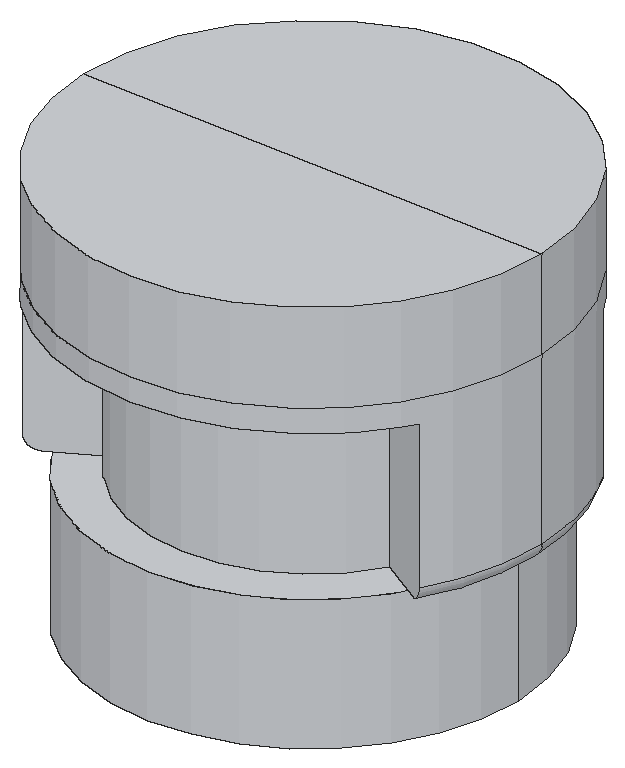
Revit family
Parameters
  URL = "www.SiouxChief.com"
  Type Comments = ""
  Model = "250-12"
  Manufacturer = "Sioux Chief Manufacturing"
  Description = "2\" TurboVent Body"
Reference planes (in)
  plane 1 "Center (Front/Back)": y = 0
  plane 2: z = 0
  plane 3 "Center (Left/Right)": x = 0
  plane 4: z = 0.7565
  plane 5: z = 1.6784
  plane 6 "top": z = 2.3182
Forms (in)
  Revolve 1, solid
    sketch origin (0, 0, 0) x (1, 0, 0) y (0, 0, 1)
      loop
        line (0, 0) -> (1.167, 0) -> (1.167, 0.7565) -> (1.21535, 0.7565)
        arc (1.21535, 0.7565) -> (1.27521, 0.78129) -> (1.3, 0.84115) r 0.08465
        line (1.3, 0.84115) -> (1.3, 1.8034) -> (0, 1.8034) -> (0, 0)
      axis (0, 1.8034) -> (0, 0)
    angle from 0 to 360
  Extrusion 2, void
    sketch origin (0.93075, -180, 0.7565) x (0, -1, 0) y (-1, 0, 0)
      loop
        line (-179.53502, 0.12538) -> (-179.35, -0.19508)
        arc (-179.35, -0.19508) -> (-178.7, 0.93075) -> (-179.35, 2.05658) r 1.3
        line (-179.35, 2.05658) -> (-179.53502, 1.73612)
        arc (-179.53502, 1.73612) -> (-179.07004, 0.93075) -> (-179.53502, 0.12538) r 0.92996
    from 0 to -0.9219
  Extrusion 3, void
    sketch origin (0.93075, 180, 0.7565) x (0, -1, 0) y (-1, 0, 0)
      loop
        arc (179.53502, 0.12538) -> (179.07004, 0.93075) -> (179.53502, 1.73612) r 0.92996
        line (179.53502, 1.73612) -> (179.35, 2.05658)
        arc (179.35, 2.05658) -> (178.7, 0.93075) -> (179.35, -0.19508) r 1.3
        line (179.35, -0.19508) -> (179.53502, 0.12538)
    from 0 to -0.9219
  Extrusion 4, void
    sketch origin (0.93075, -180, 0.7565) x (0, -1, 0) y (-1, 0, 0)
      loop
        line (-180.0755, 1.00322) -> (-180.0755, 0.84882) -> (-179.9245, 0.84882) -> (-179.9245, 1.00322) -> (-180.0755, 1.00322)
    from 0 to 0.7565
  Revolve 5, solid
    sketch origin (0, 0, 0) x (1, 0, 0) y (0, 0, 1)
      loop
        line (0, 1.8034) -> (0, 2.3182) -> (-1.3, 2.3182) -> (-1.3, 1.8034) -> (0, 1.8034)
      axis (0, 2.3182) -> (0, 1.8034)
    angle from 0 to 360
  Revolve 6, solid, not visible
    sketch origin (0, 0, 0) x (1, 0, 0) y (0, 0, 1)
      loop
        line (-1.3, 1.8034) -> (0, 1.8034) -> (0, 2.3182) -> (-1.3, 2.3182) -> (-1.3, 1.8034)
      axis (0, 2.3182) -> (0, 1.8034)
    angle from 0 to 360
  Revolve 7, solid, not visible
    sketch origin (0, 0, 0) x (1, 0, 0) y (0, 0, 1)
      loop
        line (-1.3, 1.8034) -> (0, 1.8034) -> (0, 2.3182) -> (-1.3, 2.3182) -> (-1.3, 1.8034)
      axis (0, 2.3182) -> (0, 1.8034)
    angle from 0 to 360
Cuts and joins
  Extrusion 2, Extrusion 3, Extrusion 4 cuts Revolve 1
Lines and regions (in)
  model lines, not visible
    curve 1: line (0.88555, 0, 2.3182) -> (1.24582, 0, 2.3182)
    curve 2: arc (1.24582, 0, 2.3182) -> (0.98666, -0.36322, 2.3182) -> (0.62618, -0.62618, 2.3182) r 1.39666
    curve 3: line (0.62618, -0.62618, 2.3182) -> (0.88093, -0.88093, 2.3182)
    curve 4: arc (0.88093, -0.88093, 2.3182) -> (0.44084, -0.95451, 2.3182) -> (0, -0.88555, 2.3182) r 1.39666
    curve 5: line (0, -0.88555, 2.3182) -> (0, -1.24582, 2.3182)
    curve 6: arc (0, -1.24582, 2.3182) -> (-0.36322, -0.98666, 2.3182) -> (-0.62618, -0.62618, 2.3182) r 1.39666
    curve 7: line (-0.62618, -0.62618, 2.3182) -> (-0.88093, -0.88093, 2.3182)
    curve 8: arc (-0.88093, -0.88093, 2.3182) -> (-0.95451, -0.44084, 2.3182) -> (-0.88555, 0, 2.3182) r 1.39666
    curve 9: line (-0.88555, 0, 2.3182) -> (-1.24582, 0, 2.3182)
    curve 10: arc (-1.24582, 0, 2.3182) -> (-0.98666, 0.36322, 2.3182) -> (-0.62618, 0.62618, 2.3182) r 1.39666
    curve 11: line (-0.62618, 0.62618, 2.3182) -> (-0.88093, 0.88093, 2.3182)
    curve 12: arc (-0.88093, 0.88093, 2.3182) -> (-0.44084, 0.95451, 2.3182) -> (0, 0.88555, 2.3182) r 1.39666
    curve 13: line (0, 0.88555, 2.3182) -> (0, 1.24582, 2.3182)
    curve 14: arc (0, 1.24582, 2.3182) -> (0.36322, 0.98666, 2.3182) -> (0.62618, 0.62618, 2.3182) r 1.39666
    curve 15: line (0.62618, 0.62618, 2.3182) -> (0.88093, 0.88093, 2.3182)
    curve 16: arc (0.88093, 0.88093, 2.3182) -> (0.95451, 0.44084, 2.3182) -> (0.88555, 0, 2.3182) r 1.39666
    curve 17: line (0.88555, 0, 2.3182) -> (1.24582, 0, 2.3182)
    curve 18: arc (1.24582, 0, 2.3182) -> (0.98666, -0.36322, 2.3182) -> (0.62618, -0.62618, 2.3182) r 1.39666
    curve 19: line (0.62618, -0.62618, 2.3182) -> (0.88093, -0.88093, 2.3182)
    curve 20: arc (0.88093, -0.88093, 2.3182) -> (0.44084, -0.95451, 2.3182) -> (0, -0.88555, 2.3182) r 1.39666
    curve 21: line (0, -0.88555, 2.3182) -> (0, -1.24582, 2.3182)
    curve 22: arc (0, -1.24582, 2.3182) -> (-0.36322, -0.98666, 2.3182) -> (-0.62618, -0.62618, 2.3182) r 1.39666
    curve 23: line (-0.62618, -0.62618, 2.3182) -> (-0.88093, -0.88093, 2.3182)
    curve 24: arc (-0.88093, -0.88093, 2.3182) -> (-0.95451, -0.44084, 2.3182) -> (-0.88555, 0, 2.3182) r 1.39666
    curve 25: line (-0.88555, 0, 2.3182) -> (-1.24582, 0, 2.3182)
    curve 26: arc (-1.24582, 0, 2.3182) -> (-0.98666, 0.36322, 2.3182) -> (-0.62618, 0.62618, 2.3182) r 1.39666
    curve 27: line (-0.62618, 0.62618, 2.3182) -> (-0.88093, 0.88093, 2.3182)
    curve 28: arc (-0.88093, 0.88093, 2.3182) -> (-0.44084, 0.95451, 2.3182) -> (0, 0.88555, 2.3182) r 1.39666
    curve 29: line (0, 0.88555, 2.3182) -> (0, 1.24582, 2.3182)
    curve 30: arc (0, 1.24582, 2.3182) -> (0.36322, 0.98666, 2.3182) -> (0.62618, 0.62618, 2.3182) r 1.39666
    curve 31: line (0.62618, 0.62618, 2.3182) -> (0.88093, 0.88093, 2.3182)
    curve 32: arc (0.88093, 0.88093, 2.3182) -> (0.95451, 0.44084, 2.3182) -> (0.88555, 0, 2.3182) r 1.39666
  model lines
    curve 33: line (0.88323, 0.00463, 2.3182) -> (1.24349, 0.00463, 2.3182)
    curve 34: arc (1.24349, 0.00463, 2.3182) -> (0.98434, -0.35859, 2.3182) -> (0.62386, -0.62155, 2.3182) r 1.39666
    curve 35: line (0.62386, -0.62155, 2.3182) -> (0.8786, -0.8763, 2.3182)
    curve 36: arc (0.8786, -0.8763, 2.3182) -> (0.43851, -0.94988, 2.3182) -> (-0.00232, -0.88092, 2.3182) r 1.39666
    curve 37: line (-0.00232, -0.88092, 2.3182) -> (-0.00232, -1.24119, 2.3182)
    curve 38: arc (-0.00232, -1.24119, 2.3182) -> (-0.36555, -0.98203, 2.3182) -> (-0.62851, -0.62155, 2.3182) r 1.39666
    curve 39: line (-0.62851, -0.62155, 2.3182) -> (-0.88325, -0.8763, 2.3182)
    curve 40: arc (-0.88325, -0.8763, 2.3182) -> (-0.95684, -0.43621, 2.3182) -> (-0.88788, 0.00463, 2.3182) r 1.39666
    curve 41: line (-0.88788, 0.00463, 2.3182) -> (-1.24814, 0.00463, 2.3182)
    curve 42: arc (-1.24814, 0.00463, 2.3182) -> (-0.98899, 0.36785, 2.3182) -> (-0.62851, 0.63081, 2.3182) r 1.39666
    curve 43: line (-0.62851, 0.63081, 2.3182) -> (-0.88325, 0.88556, 2.3182)
    curve 44: arc (-0.88325, 0.88556, 2.3182) -> (-0.44316, 0.95914, 2.3182) -> (-0.00232, 0.89018, 2.3182) r 1.39666
    curve 45: line (-0.00232, 0.89018, 2.3182) -> (-0.00232, 1.25045, 2.3182)
    curve 46: arc (-0.00232, 1.25045, 2.3182) -> (0.3609, 0.99129, 2.3182) -> (0.62386, 0.63081, 2.3182) r 1.39666
    curve 47: line (0.62386, 0.63081, 2.3182) -> (0.8786, 0.88556, 2.3182)
    curve 48: arc (0.8786, 0.88556, 2.3182) -> (0.95219, 0.44547, 2.3182) -> (0.88323, 0.00463, 2.3182) r 1.39666
Dimensions and locks (in)
  aligned and locked: plane 2 to level
  aligned and locked: Extrusion 2 to plane 5
  aligned and locked: Extrusion 2 to cut or joined group of Revolve 1, Extrusion 2, Extrusion 3, Extrusion 4
  aligned and locked: Revolve 1 to Extrusion 4
  aligned and locked: Extrusion 4 to level
Connectors (in)
  piping at (0.00315, -0.02517, 0)
    settings: on cut or joined group of Revolve 1, Extrusion 2, Extrusion 3, Extrusion 4, index 1, connector radius 1", flow factor 0, pipe flow 0 GPM, pressure drop 0.00 psi, fitting loss kfactor 0, connector angle 0.00°, fixture units 0, flow configuration 0, flow direction 1, fitting loss method 0, system type 22, connector reference index -1, connector utility 0, adjustable connector no, is connector primary yes, fitting loss table "", connector description "2\" NPT"
